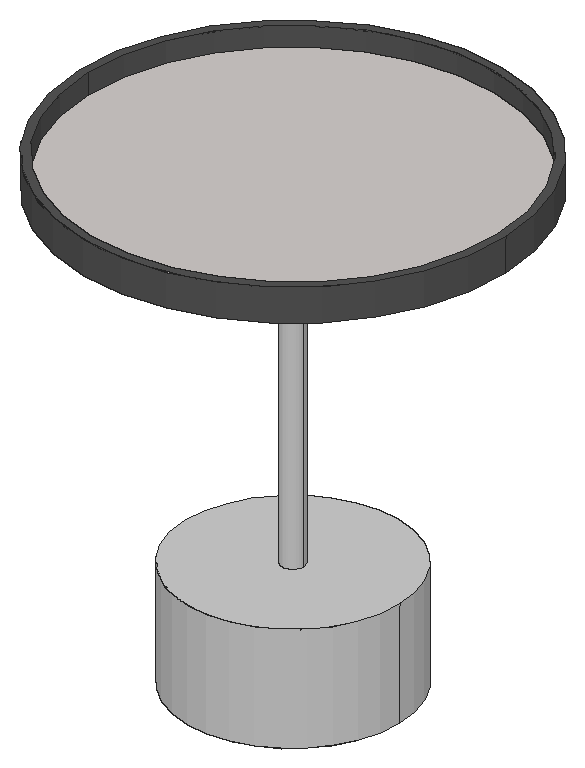
Revit family "Haworth_9_OccasionalTable", category Furniture, Revit 2018
Family settings
  OmniClass Number = 23.40.70.14.64.21
  OmniClass Title = Systems Furniture
  Work Plane-Based = No
  Always vertical = Yes
  Cut with Voids When Loaded = No
  Shared = No
  Room Calculation Point = No
Parameters (values of type "Low Occasional Table -  Glass Top With Stone Base")
  Wood or Stone Top = not(Glass Top)  # no
  Warranty = "http://www.haworth.com/resources/product-info/warranties"
  URL - Product = "https://www.haworth.com/na/en/products/collaborative-conference/9.html"
  URL = "https://www.haworth.com/na/en/about/brands/haworth-collection.html"
  Top Finish [instance] = Haworth _ Stone _ Undecided
  Sustainability Info = "https://www.haworth.com/na/en/expertise/sustainability.html"
  Small = yes
  Size = "Verify Final Dim. w/ Haworth"  # constant formula
  Revision Number = "1"  # constant formula
  Model = "Haworth - Cassina - 9"  # constant formula
  Medium = not(or(Low, High))  # no
  Manufacturer = "Haworth"  # constant formula
  Low = yes
  Large = not(Small)  # no
  High = no
  Height Diff for Stone Top = if(Wood or Stone Top, 0.40", 0.00")  # 0.00"
  Glass Top = yes
  Frame Finish [instance] = Haworth _ Polymer _ Undecided
  Description = "Haworth - Cassina - 9 - Occasional Table"  # constant formula
  Bottom Base = if(Small, 3.92", 9.74")  # 3.92"
  Base Finish [instance] = Haworth _ Marble _ Undecided
  Author = "Haworth (Abd Rahman)"  # constant formula
  Assembly Code = "E2020200"
  Actual Height = if(Large, 11.10", if(Low, 17.70", if(Medium, 19.70", 21.70"))) - Height Diff for Stone Top  # 17.70"
  Actual Diameter = if(Small, 15.70", 27.60")  # 15.70"
  Actual Depth = Actual Diameter  # 15.70"
Types (10): name | Wood or Stone Top | Small | Medium | Low | Large | High | Height Diff for Stone Top | Glass Top | Bottom Base | Actual Height | Actual Diameter | Actual Depth
  Low Occasional Table -  Glass Top With Stone Base | no | yes | no | yes | no | no | 0.00" | yes | 3.92" | 17.70" | 15.70" | 15.70"
  Medium Occasional Table -  Glass Top With Stone Base | no | yes | yes | no | no | no | 0.00" | yes | 3.92" | 19.70" | 15.70" | 15.70"
  High Occasional Table -  Glass Top With Stone Base | no | yes | no | no | no | yes | 0.00" | yes | 3.92" | 21.70" | 15.70" | 15.70"
  Low Occasional Table -  Wood Top And Base | yes | yes | no | yes | no | no | 0.40" | no | 3.92" | 17.30" | 15.70" | 15.70"
  Medium Occasional Table -  Wood Top And Base | yes | yes | yes | no | no | no | 0.40" | no | 3.92" | 19.30" | 15.70" | 15.70"
  High Occasional Table -  Wood Top And Base | yes | yes | no | no | no | yes | 0.40" | no | 3.92" | 21.30" | 15.70" | 15.70"
  Low Occasional Table -  Stone Top And Base | yes | yes | no | yes | no | no | 0.40" | no | 3.92" | 17.30" | 15.70" | 15.70"
  Medium Occasional Table -  Stone Top And Base | yes | yes | yes | no | no | no | 0.40" | no | 3.92" | 19.30" | 15.70" | 15.70"
  High Occasional Table -  Stone Top And Base | yes | yes | no | no | no | yes | 0.40" | no | 3.92" | 21.30" | 15.70" | 15.70"
  Large Occasional Table -  Glass Top With Stone Base | no | no | no | no | yes | yes | 0.00" | yes | 9.74" | 11.10" | 27.60" | 27.60"
Reference planes (in)
  plane 1: z = 0
  plane 2 "Center L/R": x = -6.11989
  plane 3 "Center F/B": y = -11.5
  plane 4 "Back": y = -3.65
  plane 5 "Front": y = -19.35
  plane 6 "Right": x = 1.73011
  plane 7 "Left": x = -13.96989
  plane 8: z = 17.7
Dimensions and locks (in)
  equal spacing: plane 7 "Left", plane 2 "Center L/R", plane 6 "Right"
  "Actual Diameter": plane 7 "Left" to plane 6 "Right"
  equal spacing: plane 4 "Back", plane 3 "Center F/B", plane 5 "Front"
  "Actual Depth": plane 4 "Back" to plane 5 "Front"
  "Actual Height": plane 8 to level
  aligned and locked: plane 2 "Center L/R" to nested 1
  aligned and locked: plane 3 "Center F/B" to nested 1
  aligned and locked: nested 1 to level
  aligned and locked: plane 2 "Center L/R" to nested 2
  aligned and locked: plane 3 "Center F/B" to nested 2
  aligned and locked: plane 3 "Center F/B" to nested 3
  aligned and locked: plane 2 "Center L/R" to nested 3
Nested families (in)
  nested 1: "Haworth_9_Table_Base-Small-PART" at (0, 0, 0), Base Finish <- "Base Finish", type "Base - PART"
    with Base Finish Haworth _ Marble _ Undecided, Bottom Base 3.92"
  nested 2: "Haworth_9_Table_StoneWoodTop-PART" at (0, 0, 0), visible <- "Wood or Stone Top", Top Finish <- "Top Finish", type "Stone / Wood Top - PART"
    with Top Finish Haworth _ Stone _ Undecided, Actual Height 17.70"
  nested 3: "Haworth_9_Table_GlassTop-PART" at (0, 0, 0), visible <- "Glass Top", Frame Finish <- "Frame Finish", Top Finish <- "Top Finish", Glass Finish <- "Top Finish", type "Glass Top - PART"
    with Top Finish Haworth _ Stone _ Undecided, Glass Finish Haworth _ Stone _ Undecided, Frame Finish Haworth _ Polymer _ Undecided, Void Circle 0.50", Small yes, Large no, Inner Diameter 7.55", Diameter 7.85", Actual Height 17.70", Actual Diameter 15.70", Actual Depth 15.70"
Definition of nested family "Haworth_9_Table_Base-Small-PART"
  Parameters (values of type "Base - PART")
    Warranty = "http://www.haworth.com/resources/product-info/warranties"
    URL - Product = "https://www.haworth.com/na/en/products/collaborative-conference/9.html"
    URL = "https://www.haworth.com/na/en/about/brands/haworth-collection.html"
    Sustainability Info = "https://www.haworth.com/na/en/expertise/sustainability.html"
    Small = yes
    Size = "Verify Final Dim. w/ Haworth"  # constant formula
    Revision Number = "1"  # constant formula
    Model = "Haworth - Cassina - 9"  # constant formula
    Manufacturer = "Haworth"  # constant formula
    Glide Finish = none
    Description = "Haworth - Cassina - 9 - Base - Small - PART"  # constant formula
    Bottom Base = 3.92478"
    Base Finish [instance] = none
    Author = "Haworth (Abd Rahman)"  # constant formula
    Assembly Code = "E2020200"
    Actual Height = 17.70"
    Actual Diameter = 15.70"  # constant formula
    Actual Depth = Actual Diameter  # 15.70"
  Reference planes (in)
    plane 1: z = 0
    plane 2 "Center L/R": x = -6.11989
    plane 3 "Center F/B": y = -11.5
    plane 4 "Back": y = -3.65
    plane 5 "Front": y = -19.35
    plane 6 "Right": x = 1.73011
    plane 7 "Left": x = -13.96989
    plane 8: z = 17.7
    plane 9: z = 17.22851
    plane 10: z = 16.44037
    plane 11: z = 15.84693
    plane 12: z = 4.04315
    plane 13: z = 0.11837
  Forms (in)
    Extrusion 1, solid, material <- "Base Finish"
      sketch origin (0, 0, 0) x (1, 0, 0) y (0, 1, 0)
        loop
          circle (-6.11989, -11.5) r 3.94602
      from 0.11837 to 4.04315
    Extrusion 2, solid, material <- "Glide Finish"
      sketch origin (0, 0, 0) x (1, 0, 0) y (0, 1, 0)
        loop
          circle (-6.11989, -11.5) r 3.74408
      from 0 to 0.11837
    Extrusion 3, solid, material <- "Base Finish"
      sketch origin (0, 0, 0) x (1, 0, 0) y (0, 1, 0)
        loop
          circle (-6.11989, -11.5) r 0.39433
      from 4.04315 to 15.84693
    Revolve 4, solid, material <- "Base Finish", visible <- "Small"
      sketch origin (0, -11.50011, 0) x (-1, 0, 0) y (0, 0, 1)
        loop
          line (6.11989, 16.44037) -> (1.02645, 16.44037) -> (1.03626, 16.25469)
          arc (1.03626, 16.25469) -> (1.07844, 16.15959) -> (1.17327, 16.11679) r 0.14585
          line (1.17327, 16.11679) -> (5.72556, 15.84693) -> (6.11989, 15.84693) -> (6.11989, 16.44037)
        axis (6.11989, 16.44037) -> (6.11989, 15.84693)
      angle from 0 to 360
  Lines and regions (in)
    Masking region 1
      outline origin (0, 0, 0) x (1, 0, 0) y (0, 1, 0)
        loop
          circle (-6.11989, -11.5) r 5.09349
    symbolic lines
      curve 1: circle (-6.11989, -11.5, 0) r 3.94602 normal (0, 0, 1)
      curve 3: circle (-6.11989, -11.5, 0) r 0.39441 normal (0, 0, 1)
    symbolic lines, visible <- "Small"
      curve 2: circle (-6.11989, -11.5, 0) r 3.74408 normal (0, 0, 1)
  Dimensions and locks (in)
    equal spacing: plane 7 "Left", plane 2 "Center L/R", plane 6 "Right"
    "Actual Diameter": plane 7 "Left" to plane 6 "Right"
    equal spacing: plane 4 "Back", plane 3 "Center F/B", plane 5 "Front"
    "Actual Depth": plane 4 "Back" to plane 5 "Front"
    "Actual Height": plane 8 to level
    locked: plane 13 to level at 0.11837
    "Bottom Base": plane 12 to plane 13
    plane 8 to plane 9 to plane 10 to plane 11 = 0.47149" locked, 0.78815" locked, 0.59343" locked
    plane 11 to plane 12 = 11.80378"
    aligned and locked: Extrusion 1 to plane 12
    aligned and locked: Extrusion 1 to plane 13
    aligned and locked: plane 3 "Center F/B" to Extrusion 1 sketch curve
    aligned and locked: plane 2 "Center L/R" to Extrusion 1 sketch curve
    aligned and locked: plane 3 "Center F/B" to Extrusion 2 sketch curve
    aligned and locked: plane 2 "Center L/R" to Extrusion 2 sketch curve
    aligned and locked: Extrusion 2 to level
    aligned and locked: plane 13 to Extrusion 2
    aligned and locked: plane 3 "Center F/B" to Extrusion 3 sketch curve
    aligned and locked: plane 2 "Center L/R" to Extrusion 3 sketch curve
    aligned and locked: plane 12 to Extrusion 3
    aligned and locked: plane 11 to Extrusion 3
    aligned and locked: Revolve 4 sketch curve to plane 2 "Center L/R"  (x2)
    aligned and locked: Revolve 4 sketch curve to plane 11
    aligned and locked: plane 10 to Revolve 4 sketch curve
    aligned and locked: plane 2 "Center L/R" to Masking region 1 sketch curve
    aligned and locked: plane 3 "Center F/B" to Masking region 1 sketch curve
    aligned and locked: plane 3 "Center F/B" to curve 3
    aligned and locked: plane 2 "Center L/R" to curve 3
    aligned and locked: plane 3 "Center F/B" to curve 2
    aligned and locked: plane 2 "Center L/R" to curve 2
    aligned and locked: plane 3 "Center F/B" to curve 1
    aligned and locked: plane 2 "Center L/R" to curve 1
  Automatic sketch dimensions
    Revolve 4 sketch curve to plane 11 = 0.00"
    Revolve 4 sketch curve to plane 10 = 0.00"
    Revolve 4 sketch curve to Revolve 4 sketch curve = 0.39433"
    Revolve 4 sketch curve to plane 10 = 0.17798"
    Revolve 4 sketch curve to plane 6 "Right" = 2.91201"
    plane 11 to Revolve 4 sketch curve = 0.26986"
    Revolve 4 sketch curve to Revolve 4 sketch curve = 0.00863"
    Revolve 4 sketch curve to plane 10 = 0.18567"
    Revolve 4 sketch curve to Revolve 4 sketch curve = 0.00981"
    radius of Extrusion 1 sketch curve = 3.94602"
    radius of Extrusion 2 sketch curve = 3.74408"
    radius of Extrusion 3 sketch curve = 0.39433"
    radius of Masking region 1 sketch curve = 5.09349"
    radius of curve 1 = 3.94602"
    radius of curve 2 = 3.74408"
    radius of curve 3 = 0.39441"
Definition of nested family "Haworth_9_Table_StoneWoodTop-PART"
  Parameters (values of type "Stone / Wood Top - PART")
    Warranty = "http://www.haworth.com/resources/product-info/warranties"
    URL - Product = "https://www.haworth.com/na/en/products/collaborative-conference/9.html"
    URL = "https://www.haworth.com/na/en/about/brands/haworth-collection.html"
    Top Finish [instance] = none
    Sustainability Info = "https://www.haworth.com/na/en/expertise/sustainability.html"
    Size = "Verify Final Dim. w/ Haworth"  # constant formula
    Revision Number = "1"  # constant formula
    Model = "Haworth - Cassina - 9"  # constant formula
    Manufacturer = "Haworth"  # constant formula
    Description = "Haworth - Cassina - 9 - Stone / Wood Top - PART"  # constant formula
    Author = "Haworth (Abd Rahman)"  # constant formula
    Assembly Code = "E2020200"
    Actual Height = 19.79"
    Actual Diameter = 15.70"  # constant formula
    Actual Depth = Actual Diameter  # 15.70"
  Reference planes (in)
    plane 1: z = 0
    plane 2 "Center L/R": x = -6.11989
    plane 3 "Center F/B": y = -11.5
    plane 4 "Back": y = -3.65
    plane 5 "Front": y = -19.35
    plane 6 "Right": x = 1.73011
    plane 7 "Left": x = -13.96989
    plane 8: z = 19.79
    plane 9: z = 19.31851
    plane 10: z = 18.53037
    plane 11: z = 19.1361
    plane 12: z = 18.95225
  Forms (in)
    Blend 1, solid, material <- "Top Finish"
      base sketch origin (0, 0, 0) x (1, 0, 0) y (0, 1, 0)
        loop
          circle (-6.11989, -11.5) r 6.14347
      top sketch origin (0, 0, 0) x (1, 0, 0) y (0, 1, 0)
        loop
          circle (-6.11989, -11.5) r 7.85
      from 18.53037 to 18.95225
    Extrusion 2, solid, material <- "Top Finish"
      sketch origin (0, 0, 0) x (1, 0, 0) y (0, 1, 0)
        loop
          circle (-6.11989, -11.5) r 7.85
        loop
          circle (-6.11989, -11.5) r 7.61563
      from 18.95225 to 19.31851
    Extrusion 3, solid, material <- "Top Finish"
      sketch origin (0, 0, 0) x (1, 0, 0) y (0, 1, 0)
        loop
          circle (-6.11989, -11.5) r 7.61563
      from 18.95225 to 19.1361
  Cuts and joins
    joined: Blend 1, Extrusion 2, Extrusion 3
  Lines and regions (in)
    Masking region 1
      outline origin (0, 0, 0) x (1, 0, 0) y (0, 1, 0)
        loop
          circle (-6.11989, -11.5) r 7.85
        loop
          circle (-6.11989, -11.5) r 7.61563
    symbolic lines
      curve 1: circle (-6.11989, -11.5, 0) r 6.14347 normal (0, 0, 1)
  Dimensions and locks (in)
    equal spacing: plane 7 "Left", plane 2 "Center L/R", plane 6 "Right"
    "Actual Diameter": plane 7 "Left" to plane 6 "Right"
    equal spacing: plane 4 "Back", plane 3 "Center F/B", plane 5 "Front"
    "Actual Depth": plane 4 "Back" to plane 5 "Front"
    "Actual Height": plane 8 to level
    plane 8 to plane 9 to plane 11 to plane 12 to plane 10 = 0.47149" locked, 0.18241" locked, 0.18385" locked, 0.42189" locked
    aligned and locked: Extrusion 2 to plane 9
    aligned and locked: plane 12 to Extrusion 2
    aligned and locked: plane 12 to cut or joined group of Blend 1, Extrusion 2, Extrusion 3
    aligned and locked: cut or joined group of Blend 1, Extrusion 2, Extrusion 3 to plane 11
    aligned and locked: cut or joined group of Blend 1, Extrusion 2, Extrusion 3 to plane 12
    aligned and locked: cut or joined group of Blend 1, Extrusion 2, Extrusion 3 to plane 10
    aligned and locked: plane 3 "Center F/B" to Masking region 1 sketch curve  (x2)
    aligned and locked: plane 2 "Center L/R" to Masking region 1 sketch curve  (x2)
    aligned and locked: plane 2 "Center L/R" to curve 1
    aligned and locked: plane 3 "Center F/B" to curve 1
  Automatic sketch dimensions
    Blend 1 sketch curve to plane 2 "Center L/R" = 0.00"  (x2)
    plane 3 "Center F/B" to Blend 1 sketch curve = 0.00"  (x2)
    Extrusion 2 sketch curve to Extrusion 2 sketch curve = 0.00"  (x2)
    Extrusion 2 sketch curve to plane 2 "Center L/R" = 0.00"
    plane 3 "Center F/B" to Extrusion 2 sketch curve = 0.00"
    Extrusion 3 sketch curve to plane 2 "Center L/R" = 0.00"
    plane 3 "Center F/B" to Extrusion 3 sketch curve = 0.00"
    radius of Blend 1 sketch curve = 6.14347"
    radius of Blend 1 sketch curve = 7.85"
    radius of Extrusion 2 sketch curve = 7.85"
    radius of Extrusion 2 sketch curve = 7.61563"
    radius of Extrusion 3 sketch curve = 7.61563"
    radius of Masking region 1 sketch curve = 7.85"
    radius of Masking region 1 sketch curve = 7.61563"
    radius of curve 1 = 6.14347"
Definition of nested family "Haworth_9_Table_GlassTop-PART"
  Parameters (values of type "Glass Top - PART")
    Warranty = "http://www.haworth.com/resources/product-info/warranties"
    Void Circle = if(Small, 0.50", 3.57")  # 3.57"
    URL - Product = "https://www.haworth.com/na/en/products/collaborative-conference/9.html"
    URL = "https://www.haworth.com/na/en/about/brands/haworth-collection.html"
    Top Finish [instance] = none
    Sustainability Info = "https://www.haworth.com/na/en/expertise/sustainability.html"
    Small = no
    Size = "Verify Final Dim. w/ Haworth"  # constant formula
    Revision Number = "1"  # constant formula
    Model = "Haworth - Cassina - 9"  # constant formula
    Manufacturer = "Haworth"  # constant formula
    Large = yes
    Inner Diameter = Diameter - 0.30"  # 13.50"
    Glass Finish [instance] = none
    Frame Finish [instance] = none
    Diameter = if(Small, 7.85", 13.80")  # 13.80"
    Description = "Haworth - Cassina - 9 - Glass Top - PART"  # constant formula
    Author = "Haworth (Abd Rahman)"  # constant formula
    Assembly Code = "E2020200"
    Actual Height = 19.79"
    Actual Diameter = if(Small, 15.70", 27.60")  # 27.60"
    Actual Depth = Actual Diameter  # 27.60"
  Reference planes (in)
    plane 1: z = 0
    plane 2 "Center L/R": x = -6.11989
    plane 3 "Center F/B": y = -11.5
    plane 4 "Back": y = 2.3
    plane 5 "Front": y = -25.3
    plane 6 "Right": x = 7.68011
    plane 7 "Left": x = -19.91989
    plane 8: z = 19.79
    plane 9: z = 19.6063
    plane 10: z = 18.4252
    plane 11: z = 18.89728
    plane 12: z = 18.62182
    plane 13: x = 4.11011
    plane 14: x = -16.34989
  Forms (in)
    Extrusion 1, solid, material <- "Frame Finish"
      sketch origin (0, 0, 0) x (1, 0, 0) y (0, 1, 0)
        loop
          circle (-6.11989, -11.5) r 13.8
        loop
          circle (-6.11989, -11.5) r 13.5
      from 18.4252 to 19.6063
    Extrusion 2, solid, material <- "Glass Finish"
      sketch origin (0, 0, 0) x (1, 0, 0) y (0, 1, 0)
        loop
          circle (-6.11989, -11.5) r 13.5
      from 18.62182 to 18.89728
    Extrusion 3, solid, material <- "Top Finish"
      sketch origin (0, 0, -0.27546) x (1, 0, 0) y (0, 1, 0)
        loop
          circle (-6.11989, -11.5) r 13.5
      from 18.70066 to 18.89728
    Extrusion 4, void
      sketch origin (0, 0, 0) x (1, 0, 0) y (0, 1, 0)
        loop
          circle (-9.1708, -22.75656) r 0.5
      from 0 to 28
    Extrusion 5, void
      sketch origin (0, 0, 0) x (1, 0, 0) y (0, 1, 0)
        loop
          circle (-16.34989, -5.5691) r 0.5
        loop
          circle (4.11011, -5.5691) r 0.5
      from 0 to 28
  Cuts and joins
    Extrusion 4, Extrusion 5 cuts Extrusion 3
  Lines and regions (in)
    Masking region 1
      outline origin (0, 0, 0) x (1, 0, 0) y (0, 1, 0)
        loop
          circle (-6.11989, -11.5) r 13.8
        loop
          circle (-6.11989, -11.5) r 13.5
  Dimensions and locks (in)
    equal spacing: plane 7 "Left", plane 2 "Center L/R", plane 6 "Right"
    "Actual Diameter": plane 7 "Left" to plane 6 "Right"
    equal spacing: plane 4 "Back", plane 3 "Center F/B", plane 5 "Front"
    "Actual Depth": plane 4 "Back" to plane 5 "Front"
    "Actual Height": plane 8 to level
    plane 8 to plane 9 to plane 11 to plane 12 to plane 10 = 0.1837" locked, 0.70902" locked, 0.27546" locked, 0.19662" locked
    "Void Circle": plane 13 to plane 6 "Right"
    "Void Circle": plane 7 "Left" to plane 14
    "Diameter": radius of Extrusion 1 sketch curve
    "Inner Diameter": radius of Extrusion 1 sketch curve
    "Inner Diameter": radius of Extrusion 2 sketch curve
    "Inner Diameter": radius of Extrusion 3 sketch curve
    "Inner Diameter": radius of Masking region 1 sketch curve
    "Diameter": radius of Masking region 1 sketch curve
    aligned and locked: plane 3 "Center F/B" to Extrusion 1 sketch curve  (x2)
    aligned and locked: plane 2 "Center L/R" to Extrusion 1 sketch curve  (x2)
    aligned and locked: Extrusion 1 to plane 9
    aligned and locked: Extrusion 1 to plane 10
    aligned and locked: plane 3 "Center F/B" to Extrusion 2 sketch curve
    aligned and locked: plane 2 "Center L/R" to Extrusion 2 sketch curve
    aligned and locked: Extrusion 2 to plane 11
    aligned and locked: plane 12 to Extrusion 2
    aligned and locked: Extrusion 3 to plane 12
    aligned and locked: Extrusion 3 to plane 10
    aligned and locked: plane 13 to Extrusion 5 sketch curve
    aligned and locked: plane 14 to Extrusion 5 sketch curve
    aligned and locked: plane 3 "Center F/B" to Masking region 1 sketch curve  (x2)
    aligned and locked: plane 2 "Center L/R" to Masking region 1 sketch curve  (x2)
  Automatic sketch dimensions
    Extrusion 3 sketch curve to plane 2 "Center L/R" = 0.00"
    plane 3 "Center F/B" to Extrusion 3 sketch curve = 0.00"
    Extrusion 4 sketch curve to plane 2 "Center L/R" = 3.05091"
    plane 5 "Front" to Extrusion 4 sketch curve = 2.54344"
    Extrusion 5 sketch curve to plane 3 "Center F/B" = 5.9309"  (x2)
    radius of Extrusion 4 sketch curve = 0.50"
    radius of Extrusion 5 sketch curve = 0.50"  (x2)
